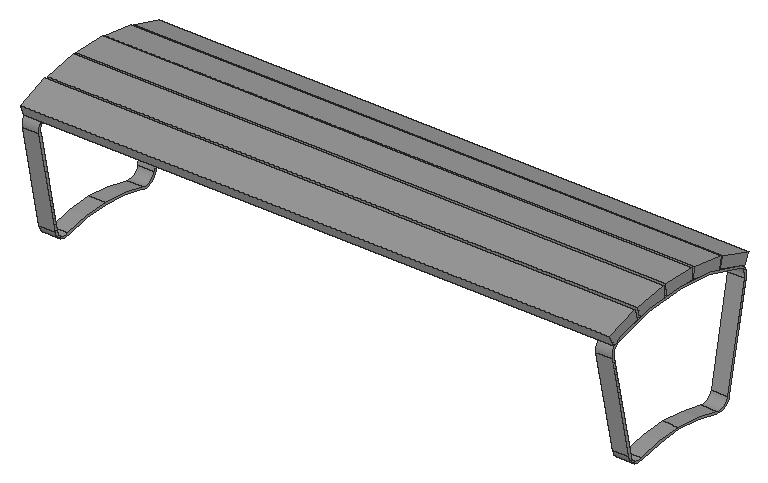
Revit family "Скамейка стальная «Лицей УНИ» без спинки Арт 9526", category Антураж, Revit 2018
Family settings
  На основе рабочей плоскости = Нет
  Всегда вертикально = Да
  При загрузке вырезать с полостями = Нет
  Источник визуального образа = Геометрия семейства
  Общий = Нет
  Точка расчета площади = Нет
Parameters (values of type "Скамейка стальная «Лицей УНИ» без спинки")
  Цвет опор = Сталь
  Цвет лавки = Дерево
  Описание = "Скамейка стальная «Лицей УНИ» без спинки"  # constant formula
  Материал изделия = "Сталь, дерево"  # constant formula
  Изображение типоразмера = Скамейка стальная «Лицей УНИ» без спинки Арт 9526.jpg
  Изготовитель = "ООО «Хоббика»"  # constant formula
  Длина = 1800 mm  # constant formula
  Ширина = 526 mm  # constant formula
  Группа модели = "Скамейки"  # constant formula
  Высота = 445 mm  # constant formula
  Артикул товара = "Арт. 9526"  # constant formula
  URL = "https://hobbyka.ru/product/skameyka_ulichnaya_litsey_uni_bez_spinki/"
Reference planes
  plane 1 "По центру (Вперед/Назад)": y = 0
  plane 2: z = 0
  plane 3 "По центру (Влево/Вправо)": x = 0
  plane 4: x = 1800
  plane 5: y = 526
  plane 6: z = 445
Forms (mm)
  Extrusion 1, solid, material "Сталь" <- "Цвет опор"
    sketch origin (0, 0, 0) x (0, 1, 0) y (0, 0, 1)
      loop
        arc (37.881, 370.72) -> (14.097, 353.967) -> (8.906, 325.341) r 38.368
        line (8.906, 325.341) -> (72.319, 29.15)
        arc (72.319, 29.15) -> (90.377, 4.668) -> (120.693, 2.144) r 36.801
        arc (120.693, 2.144) -> (191.211, 16.661) -> (263, 22.144) r 568.184
        arc (263, 22.144) -> (334.789, 16.661) -> (405.307, 2.144) r 568.184
        arc (405.307, 2.144) -> (435.623, 4.668) -> (453.681, 29.15) r 36.801
        line (453.681, 29.15) -> (517.094, 325.341)
        arc (517.094, 325.341) -> (514.274, 349.669) -> (497.312, 367.335) r 38.368
        arc (497.312, 367.335) -> (267.899, 409.982) -> (37.881, 370.72) r 664.739
      loop
        arc (39.281, 365.91) -> (18.391, 351.4) -> (13.796, 326.384) r 33.368
        line (13.796, 326.384) -> (77.209, 30.193)
        arc (77.209, 30.193) -> (92.893, 8.99) -> (119.184, 6.915) r 31.801
        arc (119.184, 6.915) -> (190.449, 21.603) -> (263, 27.144) r 573.184
        arc (263, 27.144) -> (335.551, 21.603) -> (406.816, 6.915) r 573.184
        arc (406.816, 6.915) -> (433.107, 8.99) -> (448.791, 30.193) r 31.801
        line (448.791, 30.193) -> (512.204, 326.384)
        arc (512.204, 326.384) -> (509.812, 347.408) -> (495.258, 362.766) r 33.368
        arc (495.258, 362.766) -> (267.55, 404.984) -> (39.281, 365.91) r 659.739
    from 0 to 50
  Extrusion 2, solid, material "Дерево" <- "Цвет лавки"
    sketch origin (0, 0, 0) x (0, 1, 0) y (0, 0, 1)
      loop
        line (102.946, 390.444) -> (94.465, 423.298)
        arc (94.465, 423.298) -> (46.621, 408.815) -> (0, 390.778) r 664.739
        line (0, 390.778) -> (12.187, 360.867)
        arc (12.187, 360.867) -> (57.035, 377.286) -> (102.946, 390.444) r 664.739
    from 0 to 1800
  Extrusion 3, solid, material "Сталь" <- "Цвет опор"
    sketch origin (0, 0, 0) x (0, 1, 0) y (0, 0, 1)
      loop
        arc (37.881, 370.72) -> (14.097, 353.967) -> (8.906, 325.341) r 38.368
        line (8.906, 325.341) -> (72.319, 29.15)
        arc (72.319, 29.15) -> (90.377, 4.668) -> (120.693, 2.144) r 36.801
        arc (120.693, 2.144) -> (191.211, 16.661) -> (263, 22.144) r 568.184
        arc (263, 22.144) -> (334.789, 16.661) -> (405.307, 2.144) r 568.184
        arc (405.307, 2.144) -> (435.623, 4.668) -> (453.681, 29.15) r 36.801
        line (453.681, 29.15) -> (517.094, 325.341)
        arc (517.094, 325.341) -> (514.274, 349.669) -> (497.312, 367.335) r 38.368
        arc (497.312, 367.335) -> (267.899, 409.982) -> (37.881, 370.72) r 664.739
      loop
        arc (39.281, 365.91) -> (18.391, 351.4) -> (13.796, 326.384) r 33.368
        line (13.796, 326.384) -> (77.209, 30.193)
        arc (77.209, 30.193) -> (92.893, 8.99) -> (119.184, 6.915) r 31.801
        arc (119.184, 6.915) -> (190.449, 21.603) -> (263, 27.144) r 573.184
        arc (263, 27.144) -> (335.551, 21.603) -> (406.816, 6.915) r 573.184
        arc (406.816, 6.915) -> (433.107, 8.99) -> (448.791, 30.193) r 31.801
        line (448.791, 30.193) -> (512.204, 326.384)
        arc (512.204, 326.384) -> (509.812, 347.408) -> (495.258, 362.766) r 33.368
        arc (495.258, 362.766) -> (267.55, 404.984) -> (39.281, 365.91) r 659.739
    from 1750 to 1800
  Extrusion 4, solid, material "Дерево" <- "Цвет лавки"
    sketch origin (0, 200.753, 106.074) x (0, 0.807723, -0.589563) y (0, 0.589563, 0.807723)
      loop
        line (102.946, 390.444) -> (94.465, 423.298)
        arc (94.465, 423.298) -> (46.621, 408.815) -> (0, 390.778) r 664.739
        line (0, 390.778) -> (12.187, 360.867)
        arc (12.187, 360.867) -> (57.035, 377.286) -> (102.946, 390.444) r 664.739
    from 0 to 1800
  Extrusion 5, solid, material "Дерево" <- "Цвет лавки"
    sketch origin (0, 43.249, 38.127) x (0, 0.987602, -0.156977) y (0, 0.156977, 0.987602)
      loop
        line (102.946, 390.444) -> (94.465, 423.298)
        arc (94.465, 423.298) -> (46.621, 408.815) -> (0, 390.778) r 664.739
        line (0, 390.778) -> (12.187, 360.867)
        arc (12.187, 360.867) -> (57.035, 377.286) -> (102.946, 390.444) r 664.739
    from 0 to 1800
  Extrusion 6, solid, material "Дерево" <- "Цвет лавки"
    sketch origin (0, 91.947, 68.992) x (0, 0.950716, -0.310062) y (0, 0.310062, 0.950716)
      loop
        line (102.946, 390.444) -> (94.465, 423.298)
        arc (94.465, 423.298) -> (46.621, 408.815) -> (0, 390.778) r 664.739
        line (0, 390.778) -> (12.187, 360.867)
        arc (12.187, 360.867) -> (57.035, 377.286) -> (102.946, 390.444) r 664.739
    from 0 to 1800
  Extrusion 7, solid, material "Дерево" <- "Цвет лавки"
    sketch origin (0, 144.886, 91.83) x (0, 0.890257, -0.455459) y (0, 0.455459, 0.890257)
      loop
        line (102.946, 390.444) -> (94.465, 423.298)
        arc (94.465, 423.298) -> (46.621, 408.815) -> (0, 390.778) r 664.739
        line (0, 390.778) -> (12.187, 360.867)
        arc (12.187, 360.867) -> (57.035, 377.286) -> (102.946, 390.444) r 664.739
    from 0 to 1800
Dimensions and locks
  "Длина": plane 4 to plane 3 "По центру (Влево/Вправо)"
  "Ширина": plane 5 to plane 1 "По центру (Вперед/Назад)"
  "Высота": plane 6 to plane 2
  arc length of Extrusion 2 sketch curve = 100 mm  (x2)
  arc length of Extrusion 4 sketch curve = 100 mm  (x2)
  arc length of Extrusion 5 sketch curve = 100 mm  (x2)
  arc length of Extrusion 6 sketch curve = 100 mm  (x2)
  arc length of Extrusion 7 sketch curve = 100 mm  (x2)
  aligned and locked: level to plane 2
Automatic sketch dimensions
  Extrusion 1 sketch curve to Extrusion 1 sketch curve = 0 mm  (x16)
  Extrusion 1 sketch curve to plane 1 "По центру (Вперед/Назад)" = 8.906 mm
  Extrusion 1 sketch curve to Extrusion 1 sketch curve = 4.89 mm  (x4)
  Extrusion 1 sketch curve to Extrusion 1 sketch curve = 32.639 mm
  level to Extrusion 1 sketch curve = 29.15 mm  (x2)
  Extrusion 1 sketch curve to plane 1 "По центру (Вперед/Назад)" = 72.319 mm
  level to Extrusion 1 sketch curve = 30.193 mm  (x2)
  Extrusion 1 sketch curve to Extrusion 1 sketch curve = 31.107 mm  (x2)
  Extrusion 1 sketch curve to plane 1 "По центру (Вперед/Назад)" = 255.713 mm
  Extrusion 1 sketch curve to plane 1 "По центру (Вперед/Назад)" = 263 mm
  Extrusion 1 sketch curve to Extrusion 1 sketch curve = 14.575 mm
  level to Extrusion 1 sketch curve = 36.801 mm
  Extrusion 1 sketch curve to plane 5 = 108.316 mm
  Extrusion 1 sketch curve to plane 5 = 46.435 mm
  Extrusion 1 sketch curve to plane 5 = 13.796 mm
  Extrusion 1 sketch curve to level = 254.739 mm
  Extrusion 1 sketch curve to Extrusion 1 sketch curve = 291.255 mm
  Extrusion 1 sketch curve to Extrusion 1 sketch curve = 6.608 mm
  Extrusion 1 sketch curve to plane 6 = 119.659 mm  (x2)
  Extrusion 1 sketch curve to Extrusion 1 sketch curve = 1.043 mm  (x2)
  Extrusion 1 sketch curve to Extrusion 1 sketch curve = 6.934 mm  (x2)
  Extrusion 1 sketch curve to plane 1 "По центру (Вперед/Назад)" = 37.881 mm
  Extrusion 1 sketch curve to Extrusion 1 sketch curve = 1.4 mm
  level to Extrusion 1 sketch curve = 6.915 mm
  level to Extrusion 1 sketch curve = 2.144 mm
  level to Extrusion 1 sketch curve = 27.144 mm
  Extrusion 2 sketch curve to Extrusion 2 sketch curve = 8.481 mm
  Extrusion 2 sketch curve to Extrusion 2 sketch curve = 0 mm
  Extrusion 2 sketch curve to Extrusion 2 sketch curve = 32.52 mm
  Extrusion 2 sketch curve to Extrusion 2 sketch curve = 32.855 mm
  Extrusion 2 sketch curve to Extrusion 2 sketch curve = 29.911 mm
  Extrusion 3 sketch curve to Extrusion 3 sketch curve = 0 mm  (x16)
  Extrusion 3 sketch curve to plane 1 "По центру (Вперед/Назад)" = 8.906 mm
  Extrusion 3 sketch curve to Extrusion 3 sketch curve = 4.89 mm  (x4)
  Extrusion 3 sketch curve to Extrusion 3 sketch curve = 32.639 mm
  level to Extrusion 3 sketch curve = 29.15 mm  (x2)
  Extrusion 3 sketch curve to plane 1 "По центру (Вперед/Назад)" = 72.319 mm
  level to Extrusion 3 sketch curve = 30.193 mm  (x2)
  Extrusion 3 sketch curve to Extrusion 3 sketch curve = 31.107 mm  (x2)
  Extrusion 3 sketch curve to plane 1 "По центру (Вперед/Назад)" = 255.713 mm
  Extrusion 3 sketch curve to plane 1 "По центру (Вперед/Назад)" = 263 mm
  Extrusion 3 sketch curve to Extrusion 3 sketch curve = 14.575 mm
  level to Extrusion 3 sketch curve = 36.801 mm
  Extrusion 3 sketch curve to plane 5 = 108.316 mm
  Extrusion 3 sketch curve to plane 5 = 46.435 mm
  Extrusion 3 sketch curve to plane 5 = 13.796 mm
  Extrusion 3 sketch curve to level = 254.739 mm
  Extrusion 3 sketch curve to Extrusion 3 sketch curve = 291.255 mm
  Extrusion 3 sketch curve to Extrusion 3 sketch curve = 6.608 mm
  Extrusion 3 sketch curve to plane 6 = 119.659 mm  (x2)
  Extrusion 3 sketch curve to Extrusion 3 sketch curve = 1.043 mm  (x2)
  Extrusion 3 sketch curve to Extrusion 3 sketch curve = 6.934 mm  (x2)
  Extrusion 3 sketch curve to plane 1 "По центру (Вперед/Назад)" = 37.881 mm
  Extrusion 3 sketch curve to Extrusion 3 sketch curve = 1.4 mm
  level to Extrusion 3 sketch curve = 6.915 mm
  level to Extrusion 3 sketch curve = 2.144 mm
  level to Extrusion 3 sketch curve = 27.144 mm
  Extrusion 2 sketch curve to Extrusion 2 sketch curve = 12.187 mm
  Extrusion 2 sketch curve to Extrusion 2 sketch curve = 94.465 mm
  Extrusion 2 sketch curve to Extrusion 2 sketch curve = 160.054 mm
  Extrusion 4 sketch curve to Extrusion 4 sketch curve = 8.481 mm
  Extrusion 4 sketch curve to Extrusion 4 sketch curve = 0 mm
  Extrusion 4 sketch curve to Extrusion 4 sketch curve = 32.52 mm
  Extrusion 4 sketch curve to Extrusion 4 sketch curve = 32.855 mm
  Extrusion 4 sketch curve to Extrusion 4 sketch curve = 29.911 mm
  Extrusion 4 sketch curve to Extrusion 4 sketch curve = 12.187 mm
  Extrusion 4 sketch curve to Extrusion 4 sketch curve = 94.465 mm
  Extrusion 4 sketch curve to Extrusion 4 sketch curve = 160.054 mm
  Extrusion 5 sketch curve to Extrusion 5 sketch curve = 8.481 mm
  Extrusion 5 sketch curve to Extrusion 5 sketch curve = 0 mm
  Extrusion 5 sketch curve to Extrusion 5 sketch curve = 32.52 mm
  Extrusion 5 sketch curve to Extrusion 5 sketch curve = 32.855 mm
  Extrusion 5 sketch curve to Extrusion 5 sketch curve = 29.911 mm
  Extrusion 5 sketch curve to Extrusion 5 sketch curve = 12.187 mm
  Extrusion 5 sketch curve to Extrusion 5 sketch curve = 94.465 mm
  Extrusion 5 sketch curve to Extrusion 5 sketch curve = 160.054 mm
  Extrusion 6 sketch curve to Extrusion 6 sketch curve = 8.481 mm
  Extrusion 6 sketch curve to Extrusion 6 sketch curve = 0 mm
  Extrusion 6 sketch curve to Extrusion 6 sketch curve = 32.52 mm
  Extrusion 6 sketch curve to Extrusion 6 sketch curve = 32.855 mm
  Extrusion 6 sketch curve to Extrusion 6 sketch curve = 29.911 mm
  Extrusion 6 sketch curve to Extrusion 6 sketch curve = 12.187 mm
  Extrusion 6 sketch curve to Extrusion 6 sketch curve = 94.465 mm
  Extrusion 6 sketch curve to Extrusion 6 sketch curve = 160.054 mm
  Extrusion 7 sketch curve to Extrusion 7 sketch curve = 8.481 mm
  Extrusion 7 sketch curve to Extrusion 7 sketch curve = 0 mm
  Extrusion 7 sketch curve to Extrusion 7 sketch curve = 32.52 mm
  Extrusion 7 sketch curve to Extrusion 7 sketch curve = 32.855 mm
  Extrusion 7 sketch curve to Extrusion 7 sketch curve = 29.911 mm
  Extrusion 7 sketch curve to Extrusion 7 sketch curve = 12.187 mm
  Extrusion 7 sketch curve to Extrusion 7 sketch curve = 94.465 mm
  Extrusion 7 sketch curve to Extrusion 7 sketch curve = 160.054 mm
